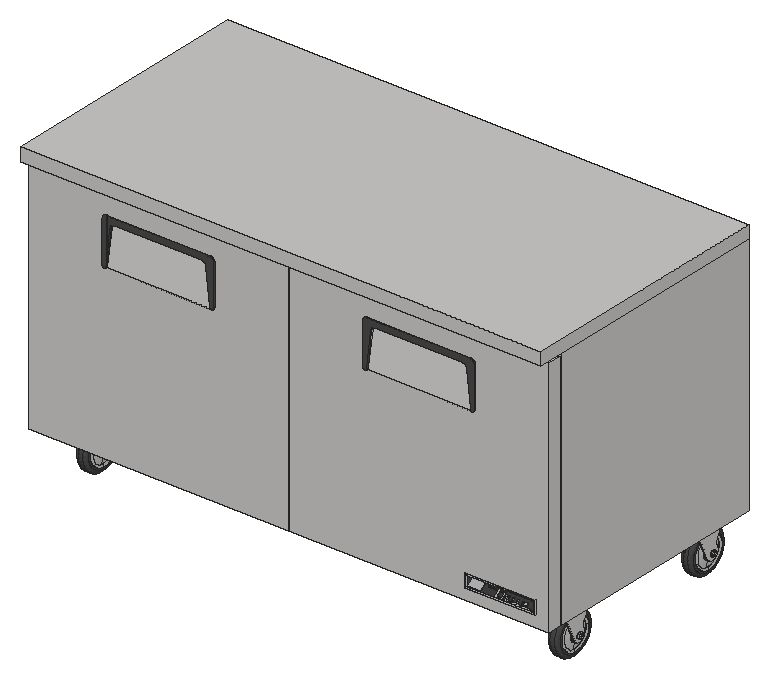
Revit family "QF_TRUE_TUC-60-HC", category Specialty Equipment, Revit 2016
Family settings
  Part Type = Normal
  Round Connector Dimension = Use Diameter
  Work Plane-Based = No
  Always vertical = Yes
  Cut with Voids When Loaded = No
  Shared = Yes
  Room Calculation Point = No
Parameters
  Weight in Pounds = 325
  Watts = FL Amps * Volts  # 460 W
  Volts = 115 V
  URL Manufacturer = "www.truemfg.com"
  URL = "www.truemfg.com"
  Type Mark [instance] = ""
  Status [instance] = ""
  Show Seismic Flanged [instance] = no
  Show Legs [instance] = no
  Seismic Flanged [instance] = and(not(Show Default Model), Show Seismic Flanged)  # no
  Length = 60 3/8"
  Legs [instance] = and(not(Show Default Model), or(Show Legs, Show Seismic Flanged))  # no
  Height [instance] = 35 15/16"
  Depth [instance] = 30 1/16"
  ADA Compliant Model [instance] = and(not(Show Default Model), Show ADA Compliant Model)  # no
  Specification by User [instance] = ""
  Specification by Manufacturer = ""
  Show Low Profile Model [instance] = no
  Show Logo [instance] = yes
  Show Clearance [instance] = yes
  Show ADA Compliant Model [instance] = no
  Show Default Model [instance] = and(not(Show Seismic Flanged), not(Show ADA Compliant Model), not(Show Low Profile Model), not(Show Legs))  # yes
  Serial Number = ""
  Seismic Rating = ""
  SMACNA No = ""
  Revision Code [instance] = ""
  Phase = 1
  Omniclass Number and Title = ""
  Number of Poles [instance] = 1
  NAFEM Spec ID Number = ""
  Model = "TUC-60-HC"
  Min Ckt Ampacity = 0 A
  Max Overcurrent Protection = 0 A
  MasterSpec. = ""
  Manufacturer = "TRUE"
  Low Profile [instance] = and(not(Show Default Model), Show Low Profile Model)  # no
  Item Number [instance] = ""
  Installed By [instance] = ""
  Identify Quantity as Lot [instance] = yes
  HP = "1/4"
  Furnished By [instance] = ""
  Foodservice Equipment Identifier [instance] = yes
  FL Amps = 4 A
  Electrical Remarks [instance] = ""
  Electric Connection Type [instance] = ""
  Elec Conn RI Height [instance] = 0"
  Elec Conn Connection Height [instance] = 0"
  Description = "SOLID DOOR REFRIGERATOR WITH HYDROCARBON REFRIGERANT"
  Cycle = 60 Hz
  Conn Plug = "NEMA 5-15P"
  Conn Conduit = yes
  CSI MasterFormat = ""
  CSI Master Format = ""
  Base Height [instance] = if(Show Default Model, 6 3/16", if(Legs, 6", if(ADA Compliant Model, 4 1/4", if(Show Low Profile Model, 2 1/8", 6 1/4"))))  # 6 3/16"
  Apparent Power = if(Phase = 3, Volts * FL Amps * 1.73, Volts * FL Amps)  # 460 VA
Reference planes (in)
  plane 1 "BACK": y = -16.5
  plane 2: z = 0
  plane 3 "LEFT": x = 0
  plane 4 "RIGHT": x = 60.375
  plane 5 "FRONT": y = -47.5625
  plane 6 "TOP": z = 35.9375
  plane 7: z = 6.1875
  plane 8: y = -75.34375
  plane 9: y = -46.0625
  plane 10: y = -17.5
  plane 11: y = -21.74082
  plane 12: x = 30.1875
Dimensions and locks (in)
  "Length": plane 3 "LEFT" to plane 4 "RIGHT"
  plane 4 "RIGHT" to plane 3 "LEFT" = 60 3/8"  (x2)
  plane 5 "FRONT" to plane 1 "BACK" = 31 1/16"
  "Depth": plane 5 "FRONT" to plane 10
  plane 1 "BACK" to plane 8 = 58 27/32"
  locked: plane 9 to plane 5 "FRONT" at 1.5
  plane 10 to plane 9 = 28 9/16"
  "Base Height": plane 7 to level
  locked: plane 6 "TOP" to plane 7 at 29.75
  plane 6 "TOP" to level = 35 15/16"
  equal spacing: plane 3 "LEFT", plane 12, plane 4 "RIGHT"
  aligned and locked: level to plane 2
  aligned and locked: plane 3 "LEFT" to nested 1  (x2)
  aligned and locked: plane 7 to nested 1
  aligned and locked: nested 1 to plane 7
Nested families (in)
  nested 1: "TUC-60-HC" at (0, 0, 2.1875), Show Logo <- "Show Logo", Show Clearance <- "Show Clearance", type "TUC-60-HC"
    with Show Logo yes, Show Clearance yes
  nested 2: "CASTERS" at (2.84375, -21.74082, 0), Show 6" Casters <- "Show Default Model", type "CASTERS"
    with Type Mark "", Status "", Specification by User "", Show 6" Casters yes, Revision Code "", Item Number "", Installed By "", Identify Quantity as Lot yes, Furnished By "", Foodservice Equipment Identifier yes
  nested 3: "CASTERS" at (2.84375, -41.06531, 0), Show 6" Casters <- "Show Default Model", type "CASTERS"
    with Type Mark "", Status "", Specification by User "", Show 6" Casters yes, Revision Code "", Item Number "", Installed By "", Identify Quantity as Lot yes, Furnished By "", Foodservice Equipment Identifier yes
  nested 4: "CASTERS" at (57.53125, -21.74082, 0), Show 6" Casters <- "Show Default Model", type "CASTERS"
    with Type Mark "", Status "", Specification by User "", Show 6" Casters yes, Revision Code "", Item Number "", Installed By "", Identify Quantity as Lot yes, Furnished By "", Foodservice Equipment Identifier yes
  nested 5: "CASTERS" at (57.53125, -41.06531, 0), Show 6" Casters <- "Show Default Model", type "CASTERS"
    with Type Mark "", Status "", Specification by User "", Show 6" Casters yes, Revision Code "", Item Number "", Installed By "", Identify Quantity as Lot yes, Furnished By "", Foodservice Equipment Identifier yes
  nested 6: "LOW PROFILE CASTERS" at (2.84375, -21.74082, 0), Show Casters <- "Low Profile", type "LOW PROFILE CASTERS"
    with Type Mark "", Status "", Specification by User "", Show Casters no, Revision Code "", Item Number "", Installed By "", Identify Quantity as Lot yes, Furnished By "", Foodservice Equipment Identifier yes
  nested 7: "LOW PROFILE CASTERS" at (57.53125, -21.74082, 0), Show Casters <- "Low Profile", type "LOW PROFILE CASTERS"
    with Type Mark "", Status "", Specification by User "", Show Casters no, Revision Code "", Item Number "", Installed By "", Identify Quantity as Lot yes, Furnished By "", Foodservice Equipment Identifier yes
  nested 8: "LOW PROFILE CASTERS" at (57.53125, -41.06531, 0), Show Casters <- "Low Profile", type "LOW PROFILE CASTERS"
    with Type Mark "", Status "", Specification by User "", Show Casters no, Revision Code "", Item Number "", Installed By "", Identify Quantity as Lot yes, Furnished By "", Foodservice Equipment Identifier yes
  nested 9: "LOW PROFILE CASTERS" at (2.84375, -41.06531, 0), Show Casters <- "Low Profile", type "LOW PROFILE CASTERS"
    with Type Mark "", Status "", Specification by User "", Show Casters no, Revision Code "", Item Number "", Installed By "", Identify Quantity as Lot yes, Furnished By "", Foodservice Equipment Identifier yes
  nested 10: "CASTERS & LEGS" at (2.84375, -21.74082, 0), Seismic Plate <- "Seismic Flanged", Show 4.25" Casters <- "ADA Compliant Model", Legs <- "Legs", type "CASTERS & LEGS"
    with Type Mark "", Status "", Specification by User "", Show 4.25" Casters no, Seismic Plate no, Revision Code "", Legs no, Item Number "", Installed By "", Identify Quantity as Lot yes, Furnished By "", Foodservice Equipment Identifier yes
  nested 11: "CASTERS & LEGS" at (57.53125, -21.74082, 0), Seismic Plate <- "Seismic Flanged", Show 4.25" Casters <- "ADA Compliant Model", Legs <- "Legs", type "CASTERS & LEGS"
    with Type Mark "", Status "", Specification by User "", Show 4.25" Casters no, Seismic Plate no, Revision Code "", Legs no, Item Number "", Installed By "", Identify Quantity as Lot yes, Furnished By "", Foodservice Equipment Identifier yes
  nested 12: "CASTERS & LEGS" at (57.53125, -41.06531, 0), Seismic Plate <- "Seismic Flanged", Show 4.25" Casters <- "ADA Compliant Model", Legs <- "Legs", type "CASTERS & LEGS"
    with Type Mark "", Status "", Specification by User "", Show 4.25" Casters no, Seismic Plate no, Revision Code "", Legs no, Item Number "", Installed By "", Identify Quantity as Lot yes, Furnished By "", Foodservice Equipment Identifier yes
  nested 13: "CASTERS & LEGS" at (2.85404, -41.06531, 0), Seismic Plate <- "Seismic Flanged", Show 4.25" Casters <- "ADA Compliant Model", Legs <- "Legs", type "CASTERS & LEGS"
    with Type Mark "", Status "", Specification by User "", Show 4.25" Casters no, Seismic Plate no, Revision Code "", Legs no, Item Number "", Installed By "", Identify Quantity as Lot yes, Furnished By "", Foodservice Equipment Identifier yes
Connectors (in)
  electrical at (56.87821, -17.5, 11.9375), driven by "Volts", driven by "Watts"
    settings: on nested 1, index 1, voltage 115 V, apparent load 460 VA, apparent load phase1 0 VA, apparent load phase2 0 VA, apparent load phase3 0 VA, power factor 1, load classification "Other", number of poles 1, system type 30, power factor state 1, is connector primary yes, connector utility no, sub classification motor no, connector description "ELECTRICAL CONNECTION"
Definition of nested family "TUC-60-HC"
  Parameters (values of type "TUC-60F-ADA-HC")
    URL = ""
    Show Logo [instance] = yes
    Show Clearance [instance] = yes
    Show Casters [instance] = yes
    Model = ""
    Manufacturer = ""
    Description = ""
    Assembly Code = ""
  Reference planes (in)
    plane 1 "BACK": y = -16.5
    plane 2: z = 0
    plane 3 "LEFT": x = 0
    plane 4 "RIGHT": x = 60.375
    plane 5 "FRONT": y = -48.125
    plane 6 "TOP": z = 33.75
    plane 7: z = 4
    plane 8: y = -46.625
    plane 9: y = -41.06531
    plane 10: x = 30.1875
    plane 11: z = 29.38
    plane 12: z = 23.90093
    plane 13: x = 15.07812
    plane 14: x = 45.29688
    plane 15: z = 29.38
    plane 16: z = 23.90093
    plane 17: y = -17.5
    plane 18: y = -47.5625
  Forms (in)
    Extrusion 1, solid
      sketch origin (0, -1, -2.25) x (0, 1, 0) y (0, 0, 1)
        loop
          line (-46.5625, 36) -> (-46.5625, 34.5) -> (-16.5, 34.5) -> (-16.5, 36) -> (-46.5625, 36)
      from 0 to 60.375
    Extrusion 2, solid
      sketch origin (0, -1, -2.25) x (0, 1, 0) y (0, 0, 1)
        loop
          line (-18.5, 34.5) -> (-18.5, 6.25) -> (-16.5, 6.25) -> (-16.5, 34.5) -> (-18.5, 34.5)
      from 0 to 60.375
    Extrusion 3, solid
      sketch origin (10.5, -13.375, -2.25) x (1, 0, 0) y (0, 0, 1)
        loop
          line (-10.5, 34.28323) -> (-10.5, 6.25) -> (19.65625, 6.25) -> (19.65625, 34.28323) -> (-10.5, 34.28323)
        loop
          line (49.875, 34.28323) -> (19.71875, 34.28323) -> (19.71875, 6.25) -> (49.875, 6.25) -> (49.875, 34.28323)
      from 31.44201 to 33
    Extrusion 4, solid
      sketch origin (0, -16.5, -2.25) x (1, 0, 0) y (0, 0, 1)
        loop
          line (23.4375, 6.25) -> (23.4375, 4.375) -> (36.9375, 4.375) -> (36.9375, 6.25) -> (23.4375, 6.25)
      from 1.69409 to 21.69409
    Extrusion 5, solid
      sketch origin (-1.16554, -17.5, -2.25) x (1, 0, 0) y (0, 0, 1)
        loop
          circle (58.04375, 12) r 0.25
      from 0 to 0.0625
    Revolve 6, solid
      sketch origin (0, -16.5155, 21) x (1, 0, 0) y (0, 1, 0)
        loop
          line (54.60203, -0.9845) -> (55.07078, -0.9845) -> (55.07078, 0.0155) -> (54.60203, 0.0155) -> (54.60203, -0.9845)
        axis (54.60203, -0.9845) -> (54.60203, 0.0155)
      angle from 0 to 360
    Extrusion 7, solid
      sketch origin (-0.09375, -13.375, -2.25) x (1, 0, 0) y (0, 0, 1)
        loop
          line (60.46875, 6.25) -> (60.46875, 34.5) -> (0.09375, 34.5) -> (0.09375, 6.25) -> (60.46875, 6.25)
        loop
          line (2.09375, 32.5) -> (2.09375, 8.25) -> (58.46875, 8.25) -> (58.46875, 32.5) -> (2.09375, 32.5)
      from 6.125 to 31.12
    Extrusion 8, solid
      sketch origin (-0.09375, -13.375, -2.25) x (1, 0, 0) y (0, 0, 1)
        loop
          line (59.96875, 6.82675) -> (59.96875, 33.8406) -> (0.59375, 33.8406) -> (0.59375, 6.82675) -> (59.96875, 6.82675)
      from 31.12 to 31.44201
    Extrusion 9, solid, visible <- "Show Clearance", detail levels coarse
      sketch origin (36.5068, -37.72639, 0) x (1, 0, 0) y (0, 1, 0)
        loop
          line (-6.35055, -8.64861) -> (-36.5068, -8.64861) -> (-36.5068, -38.80486)
          arc (-36.5068, -38.80486) -> (-15.18311, -29.9723) -> (-6.35055, -8.64861) r 30.15625
        loop
          arc (-6.28805, -8.64861) -> (2.54451, -29.9723) -> (23.8682, -38.80486) r 30.15625
          line (23.8682, -38.80486) -> (23.8682, -8.64861) -> (-6.28805, -8.64861)
      from 4 to 32.03323
    Extrusion 10, void
      sketch origin (15.07812, -13.78209, 49.75) x (0, -1, 0) y (0, 0, 1)
        loop
          line (32.59291, -20.37) -> (31.52391, -20.37) -> (32.59291, -25.84907) -> (32.59291, -20.37)
      from -6 to 6
    Extrusion 11, solid
      sketch origin (3.07813, -46.375, 1.75) x (1, 0, 0) y (0, 0, 1)
        loop
          line (5.52833, 27.13) -> (5.52833, 22.36054)
          arc (5.52833, 22.36054) -> (5.74774, 22.11831) -> (6.01044, 22.31274) r 0.24342
          line (6.01044, 22.31274) -> (6.44945, 26.42717)
          arc (6.44945, 26.42717) -> (6.61215, 26.74648) -> (6.94671, 26.87491) r 0.5
          line (6.94671, 26.87491) -> (17.05329, 26.87491)
          arc (17.05329, 26.87491) -> (17.38785, 26.74648) -> (17.55055, 26.42717) r 0.5
          line (17.55055, 26.42717) -> (17.98956, 22.31274)
          arc (17.98956, 22.31274) -> (18.25226, 22.11831) -> (18.47166, 22.36054) r 0.24342
          line (18.47166, 22.36054) -> (18.47166, 27.13)
          arc (18.47166, 27.13) -> (18.32522, 27.48356) -> (17.97166, 27.63) r 0.5
          line (17.97166, 27.63) -> (6.02833, 27.63)
          arc (6.02833, 27.63) -> (5.67478, 27.48356) -> (5.52833, 27.13) r 0.5
      from 0 to 0.0625
    Extrusion 12, void
      sketch origin (45.29688, -13.78209, 49.75) x (0, -1, 0) y (0, 0, -1)
        loop
          line (32.59291, 20.37) -> (32.59291, 25.84907) -> (31.52391, 20.37) -> (32.59291, 20.37)
      from -6 to 6
    Extrusion 13, solid
      sketch origin (57.29687, -46.375, 1.75) x (-1, 0, 0) y (0, 0, -1)
        loop
          arc (5.52833, -27.13) -> (5.67478, -27.48356) -> (6.02833, -27.63) r 0.5
          line (6.02833, -27.63) -> (17.97166, -27.63)
          arc (17.97166, -27.63) -> (18.32522, -27.48356) -> (18.47166, -27.13) r 0.5
          line (18.47166, -27.13) -> (18.47166, -22.36054)
          arc (18.47166, -22.36054) -> (18.25226, -22.11831) -> (17.98956, -22.31274) r 0.24342
          line (17.98956, -22.31274) -> (17.55055, -26.42717)
          arc (17.55055, -26.42717) -> (17.38785, -26.74648) -> (17.05329, -26.87491) r 0.5
          line (17.05329, -26.87491) -> (6.94671, -26.87491)
          arc (6.94671, -26.87491) -> (6.61215, -26.74648) -> (6.44945, -26.42717) r 0.5
          line (6.44945, -26.42717) -> (6.01044, -22.31274)
          arc (6.01044, -22.31274) -> (5.74774, -22.11831) -> (5.52833, -22.36054) r 0.24342
          line (5.52833, -22.36054) -> (5.52833, -27.13)
      from 0 to 0.0625
  Cuts and joins
    joined: Extrusion 2, Extrusion 7
    Extrusion 10, Extrusion 12 cuts Extrusion 3
    Extrusion 12 cuts Extrusion 9
  Lines and regions (in)
    symbolic lines
      curve 1: line (0, -17.5, 0) -> (60.375, -17.5, 0)
      curve 2: line (60.375, -47.5625, 0) -> (0, -47.5625, 0)
      curve 3: line (60.375, -17.5, 0) -> (60.375, -47.5625, 0)
      curve 4: line (6.17922, -16.5, 0) -> (5.24172, -16.5, 0)
      curve 5: line (6.17922, -16.5, 0) -> (6.17922, -17.5, 0)
      curve 6: line (5.24172, -16.5, 0) -> (5.24172, -17.5, 0)
      curve 7: line (54.13328, -16.5, 0) -> (55.07078, -16.5, 0)
      curve 8: line (54.13328, -16.5, 0) -> (54.13328, -17.5, 0)
      curve 9: line (55.07078, -16.5, 0) -> (55.07078, -17.5, 0)
      curve 13: line (0, -17.5, 0) -> (0, -47.5625, 0)
    symbolic lines, visible <- "Show Clearance", detail levels coarse
      curve 10: arc (30.24214, -47.5625, 0) -> (31.32622, -54.47239, 0) -> (33.97299, -60.94667, 0) r 30.15625
      curve 11: arc (30.13286, -47.5625, 0) -> (29.04878, -54.47239, 0) -> (26.40201, -60.94667, 0) r 30.15625
      curve 12: line (3.21995, -47.5625, 0) -> (26.40201, -60.94667, 0)
      curve 14: line (57.15505, -47.5625, 0) -> (33.97299, -60.94667, 0)
  Dimensions and locks (in)
    plane 3 "LEFT" to plane 4 "RIGHT" = 60 3/8"
    plane 4 "RIGHT" to plane 3 "LEFT" = 60 3/8"
    plane 6 "TOP" to level = 33 3/4"
    plane 5 "FRONT" to plane 1 "BACK" = 31 5/8"  (x2)
    plane 7 to level = 4"
    plane 6 "TOP" to plane 7 = 29 3/4"
    equal spacing: plane 3 "LEFT", plane 10, plane 4 "RIGHT"
    plane 4 "RIGHT" to Extrusion 7 = 0"
    Extrusion 3 to plane 3 "LEFT" = 0"
    Extrusion 3 sketch curve to plane 10 to Extrusion 3 sketch curve = 1/32" locked, 1/32" locked
    plane 18 to plane 17 = 30 1/16"
    aligned and locked: level to plane 2
    aligned and locked: plane 4 "RIGHT" to Extrusion 1
    aligned and locked: Extrusion 1 to plane 3 "LEFT"
    aligned and locked: plane 3 "LEFT" to Extrusion 3 sketch curve
  Automatic sketch dimensions
    Extrusion 1 sketch curve to plane 8 = 15/16"
    Extrusion 1 sketch curve to plane 6 "TOP" = 0"
    plane 1 "BACK" to Extrusion 1 sketch curve = 1"
    Extrusion 1 sketch curve to Extrusion 1 sketch curve = 1 1/2"
    Extrusion 2 sketch curve to plane 7 = 0"
    plane 1 "BACK" to Extrusion 2 sketch curve = 3"
    plane 1 "BACK" to Extrusion 2 sketch curve = 1"
    Extrusion 2 sketch curve to plane 6 "TOP" = 1 1/2"
    Extrusion 4 sketch curve to plane 7 = 0"
    Extrusion 4 sketch curve to plane 7 = 1 7/8"
    plane 10 to Extrusion 4 sketch curve = 6 3/4"
    Extrusion 4 sketch curve to plane 10 = 6 3/4"
    Extrusion 10 sketch curve to plane 11 = 0"
    Extrusion 10 sketch curve to plane 12 = 0"
    plane 8 to Extrusion 10 sketch curve = 1.319"
    plane 8 to Extrusion 10 sketch curve = 1/4"
    Extrusion 11 sketch curve to plane 13 = 6.47167"
    Extrusion 11 sketch curve to Extrusion 11 sketch curve = 0.24342"  (x2)
    Extrusion 11 sketch curve to Extrusion 11 sketch curve = 0.23868"  (x2)
    Extrusion 11 sketch curve to Extrusion 11 sketch curve = 1/2"
    Extrusion 11 sketch curve to Extrusion 11 sketch curve = 0.42112"
    Extrusion 11 sketch curve to Extrusion 11 sketch curve = 0.49726"  (x2)
    plane 13 to Extrusion 11 sketch curve = 5.05329"
    Extrusion 11 sketch curve to Extrusion 11 sketch curve = 0.91838"
    Extrusion 11 sketch curve to Extrusion 11 sketch curve = 0.43901"
    Extrusion 11 sketch curve to plane 6 "TOP" = 9.68726"  (x2)
    Extrusion 11 sketch curve to Extrusion 11 sketch curve = 4.06217"  (x2)
    Extrusion 11 sketch curve to Extrusion 11 sketch curve = 0.05226"
    Extrusion 11 sketch curve to Extrusion 11 sketch curve = 0.70283"
    Extrusion 12 sketch curve to plane 15 = 0"
    Extrusion 12 sketch curve to plane 16 = 0"
    plane 8 to Extrusion 12 sketch curve = 1.319"
    plane 8 to Extrusion 12 sketch curve = 1/4"
    Extrusion 13 sketch curve to plane 14 = 6.47167"
    Extrusion 13 sketch curve to Extrusion 13 sketch curve = 0.24342"  (x2)
    Extrusion 13 sketch curve to Extrusion 13 sketch curve = 0.23868"  (x2)
    Extrusion 13 sketch curve to Extrusion 13 sketch curve = 1/2"
    Extrusion 13 sketch curve to Extrusion 13 sketch curve = 0.42112"
    Extrusion 13 sketch curve to Extrusion 13 sketch curve = 0.49726"  (x2)
    plane 14 to Extrusion 13 sketch curve = 5.05329"
    Extrusion 13 sketch curve to Extrusion 13 sketch curve = 0.91838"
    Extrusion 13 sketch curve to Extrusion 13 sketch curve = 0.43901"
    Extrusion 13 sketch curve to plane 6 "TOP" = 4.37"
    Extrusion 13 sketch curve to Extrusion 13 sketch curve = 0.25509"
    Extrusion 13 sketch curve to Extrusion 13 sketch curve = 0.44774"  (x2)
    Extrusion 13 sketch curve to Extrusion 13 sketch curve = 4.06664"  (x2)
    curve 1 to plane 3 "LEFT" = 0"
    curve 11 to plane 3 "LEFT" = 0"
    plane 18 to curve 12 = 0"
    plane 1 "BACK" to curve 4 = 0"
    plane 17 to curve 6 = 0"
    plane 1 "BACK" to curve 7 = 0"
    curve 2 to plane 4 "RIGHT" = 0"
    curve 10 to plane 4 "RIGHT" = 0"
    curve 4 to curve 5 = 15/16"
    plane 10 to curve 12 = 3.78549"
    curve 7 to plane 4 "RIGHT" = 6.24172"
    curve 7 to curve 9 = 15/16"
    curve 12 to curve 10 = 0"
    plane 8 to curve 10 = 1/4"
    plane 8 to curve 11 = 1/4"
    plane 3 "LEFT" to curve 12 = 3.21995"
    curve 14 to plane 10 = 3.78549"
    Extrusion 3 sketch curve to plane 4 "RIGHT" = 0"
    Extrusion 3 sketch curve to plane 7 = 0"  (x2)
    Extrusion 3 sketch curve to plane 6 "TOP" = 1.71677"
    Extrusion 3 sketch curve to Extrusion 3 sketch curve = 0"
    Extrusion 5 sketch curve to plane 4 "RIGHT" = 3.49679"
    plane 7 to Extrusion 5 sketch curve = 5 3/4"
    plane 17 to Revolve 6 sketch curve = 0"
    plane 1 "BACK" to Revolve 6 sketch curve = 0"  (x2)
    Revolve 6 sketch curve to plane 4 "RIGHT" = 5.77297"
    Revolve 6 sketch curve to Revolve 6 sketch curve = 15/32"
    Revolve 6 sketch curve to Revolve 6 sketch curve = 0"
    Revolve 6 sketch curve to plane 1 "BACK" = 1/4"
    Extrusion 7 sketch curve to plane 3 "LEFT" = 0"
    Extrusion 7 sketch curve to plane 4 "RIGHT" = 0"
    Extrusion 7 sketch curve to plane 7 = 0"
    plane 3 "LEFT" to Extrusion 7 sketch curve = 2"
    Extrusion 7 sketch curve to plane 4 "RIGHT" = 2"
    plane 7 to Extrusion 7 sketch curve = 2"
    Extrusion 7 sketch curve to plane 6 "TOP" = 3 1/2"
    Extrusion 7 sketch curve to plane 6 "TOP" = 1 1/2"
    plane 3 "LEFT" to Extrusion 8 sketch curve = 1/2"
    Extrusion 8 sketch curve to plane 4 "RIGHT" = 1/2"
    plane 7 to Extrusion 8 sketch curve = 0.57675"
    Extrusion 8 sketch curve to plane 6 "TOP" = 2.1594"
    Extrusion 9 sketch curve to plane 3 "LEFT" = 0"
    Extrusion 9 sketch curve to plane 4 "RIGHT" = 0"
    plane 10 to Extrusion 9 sketch curve = 1/32"
    Extrusion 9 sketch curve to plane 10 = 1/32"
    plane 5 "FRONT" to Extrusion 9 sketch curve = 28 13/32"  (x2)
    curve 10 to plane 10 = 0.05464"
    curve 14 to plane 4 "RIGHT" = 3.21995"
    plane 3 "LEFT" to curve 4 = 5.24172"
    radius of Extrusion 5 sketch curve = 1/4"
  Nested families (in)
    nested 1: "QF_LOGO_TRUE" at (50.68125, -46.375, 5.32675), Show Logo <- "Show Logo", type "QF_LOGO_TRUE", detail levels medium+fine
      with Show Logo yes
  Definition of nested family "QF_LOGO_TRUE"
    Parameters (values of type "QF_LOGO_TRUE")
      Show Logo [instance] = yes
    Reference planes (in)
      plane 1 "Center (Front/Back)": y = 0
      plane 2: z = 0
      plane 3 "Center (Left/Right)": x = 0
    Forms (in)
      Extrusion 1, solid, visible <- "Show Logo"
        sketch origin (-78.34647, 34.76905, -30.51001) x (1, 0, 0) y (0, 0, 1)
          loop
            line (81.15226, 31.65456) -> (81.07353, 31.48573) -> (82.12083, 31.48573)
            arc (82.12083, 31.48573) -> (82.14208, 31.44814) -> (82.12083, 31.41055) r 0.04386
            line (82.12083, 31.41055) -> (81.84767, 30.82478)
            arc (81.84767, 30.82478) -> (81.84531, 30.77052) -> (81.882, 30.73048) r 0.07096
            line (81.882, 30.73048) -> (82.55165, 30.73048)
            arc (82.55165, 30.73048) -> (82.63621, 30.75714) -> (82.69019, 30.82748) r 0.14742
            line (82.69019, 30.82748) -> (82.90515, 31.28847) -> (83.10265, 31.28847)
            arc (83.10265, 31.28847) -> (83.15447, 31.26942) -> (83.14697, 31.21472) r 0.04405
            line (83.14697, 31.21472) -> (82.9671, 30.82899)
            arc (82.9671, 30.82899) -> (82.9699, 30.76493) -> (83.02398, 30.73048) r 0.06943
            line (83.02398, 30.73048) -> (83.6124, 30.73048)
            arc (83.6124, 30.73048) -> (83.65748, 30.74689) -> (83.68147, 30.78844) r 0.07014
            arc (83.68147, 30.78844) -> (83.69845, 30.74745) -> (83.73943, 30.73048) r 0.05796
            line (83.73943, 30.73048) -> (84.112, 30.73048)
            arc (84.112, 30.73048) -> (84.15504, 30.74201) -> (84.18655, 30.77352) r 0.08608
            arc (84.18655, 30.77352) -> (84.20164, 30.7371) -> (84.23806, 30.72202) r 0.0515
            line (84.23806, 30.72202) -> (84.76757, 30.72202)
            arc (84.76757, 30.72202) -> (84.81086, 30.73995) -> (84.8288, 30.78324) r 0.06122
            arc (84.8288, 30.78324) -> (84.86848, 30.74355) -> (84.92269, 30.72903) r 0.10842
            line (84.92269, 30.72903) -> (85.91461, 30.72903) -> (86.02479, 30.91987) -> (85.0243, 30.91987)
            arc (85.0243, 30.91987) -> (84.99669, 30.93902) -> (84.99566, 30.97261) r 0.03732
            line (84.99566, 30.97261) -> (85.01297, 31.00972)
            arc (85.01297, 31.00972) -> (85.03954, 31.04453) -> (85.0813, 31.05774) r 0.07263
            line (85.0813, 31.05774) -> (85.40289, 31.05774)
            arc (85.40289, 31.05774) -> (85.4723, 31.07633) -> (85.52311, 31.12715) r 0.13882
            line (85.52311, 31.12715) -> (85.61625, 31.28847)
            arc (85.61625, 31.28847) -> (85.61625, 31.37458) -> (85.54168, 31.41763) r 0.08611
            line (85.54168, 31.41763) -> (85.20227, 31.41763)
            arc (85.20227, 31.41763) -> (85.11574, 31.40294) -> (85.05538, 31.33923) r 0.13863
            line (85.05538, 31.33923) -> (84.89409, 30.99333)
            arc (84.89409, 30.99333) -> (84.84649, 30.9313) -> (84.77191, 30.90778) r 0.13002
            line (84.77191, 30.90778) -> (84.41984, 30.90778)
            arc (84.41984, 30.90778) -> (84.3777, 30.95378) -> (84.38042, 31.0161) r 0.08151
            line (84.38042, 31.0161) -> (84.56766, 31.41763) -> (84.44849, 31.41763) -> (84.25012, 30.99222)
            arc (84.25012, 30.99222) -> (84.21158, 30.94199) -> (84.15119, 30.92296) r 0.10527
            line (84.15119, 30.92296) -> (83.90842, 30.92296)
            arc (83.90842, 30.92296) -> (83.8674, 30.97642) -> (83.87619, 31.04323) r 0.08805
            line (83.87619, 31.04323) -> (84.05078, 31.41763) -> (83.92772, 31.41763) -> (83.72676, 30.98668)
            arc (83.72676, 30.98668) -> (83.68011, 30.94003) -> (83.61639, 30.92296) r 0.12745
            line (83.61639, 30.92296) -> (83.26484, 30.92296)
            arc (83.26484, 30.92296) -> (83.2017, 30.9524) -> (83.19563, 31.0218) r 0.06967
            line (83.19563, 31.0218) -> (83.31118, 31.26961) -> (83.47452, 31.26961)
            arc (83.47452, 31.26961) -> (83.50209, 31.35268) -> (83.56075, 31.41763) r 0.21289
            line (83.56075, 31.41763) -> (82.92244, 31.41763)
            arc (82.92244, 31.41763) -> (82.85151, 31.40191) -> (82.80242, 31.34834) r 0.12081
            line (82.80242, 31.34834) -> (82.6294, 30.9773)
            arc (82.6294, 30.9773) -> (82.58962, 30.93752) -> (82.53528, 30.92296) r 0.10869
            line (82.53528, 30.92296) -> (82.1542, 30.92296)
            arc (82.1542, 30.92296) -> (82.12446, 30.96315) -> (82.13012, 31.01283) r 0.06822
            line (82.13012, 31.01283) -> (82.38156, 31.48573) -> (83.01596, 31.48573) -> (83.09469, 31.65456) -> (82.46029, 31.65456) -> (82.53902, 31.8234) -> (82.31334, 31.8234) -> (82.23461, 31.65456) -> (81.15226, 31.65456)
          loop
            arc (85.15937, 31.26434) -> (85.13191, 31.25698) -> (85.1118, 31.23688) r 0.05494
            line (85.1118, 31.23688) -> (85.09547, 31.18665)
            arc (85.09547, 31.18665) -> (85.10304, 31.16837) -> (85.12133, 31.16079) r 0.02586
            line (85.12133, 31.16079) -> (85.39889, 31.16079)
            arc (85.39889, 31.16079) -> (85.41888, 31.16523) -> (85.43513, 31.1777) r 0.04731
            line (85.43513, 31.1777) -> (85.44863, 31.2402)
            arc (85.44863, 31.2402) -> (85.44466, 31.25693) -> (85.42914, 31.26434) r 0.01994
            line (85.42914, 31.26434) -> (85.15937, 31.26434)
          loop
            line (78.62961, 30.74125) -> (80.12032, 30.74125) -> (80.73891, 31.81268) -> (79.2482, 31.81268) -> (78.62961, 30.74125)
        from 34.76797 to 34.83173
      Extrusion 2, solid, visible <- "Show Logo"
        sketch origin (-142.84857, 34.75108, -33.3546) x (1, 0, 0) y (0, 0, 1)
          loop
            line (150.81107, 34.71978) -> (142.98607, 34.71978) -> (142.98607, 33.4921) -> (150.81107, 33.4921) -> (150.81107, 34.71978)
        from 34.75108 to 34.78125
      Extrusion 3, solid, visible <- "Show Logo"
        sketch origin (-142.84857, 34.75108, -33.3546) x (1, 0, 0) y (0, 0, 1)
          loop
            line (150.94857, 34.85727) -> (142.84857, 34.85727) -> (142.84857, 33.3546) -> (150.94857, 33.3546) -> (150.94857, 34.85727)
          loop
            line (142.98607, 34.71978) -> (142.98607, 33.4921) -> (150.81107, 33.4921) -> (150.81107, 34.71978) -> (142.98607, 34.71978)
        from 34.75108 to 34.81376
      Extrusion 4, solid, not visible
        sketch origin (121.45701, -16.5, 4.98235) x (1, 0, 0) y (0, 0, 1)
          loop
            line (25.20115, 35.89949) -> (25.20115, 33.96647) -> (30.95381, 33.96647) -> (30.95381, 35.89949) -> (25.20115, 35.89949)
        from 31.5 to 31.54261
      Extrusion 5, solid, not visible
        sketch origin (121.45701, -16.5, 4.98235) x (1, 0, 0) y (0, 0, 1)
          loop
            line (26.7387, 34.95472) -> (26.61492, 34.49276) -> (27.038, 34.49276)
            arc (27.038, 34.49276) -> (27.13117, 34.52484) -> (27.18485, 34.60749) r 0.15134
            arc (27.18485, 34.60749) -> (27.20396, 34.68138) -> (27.22435, 34.75493) r 4.37326
            arc (27.22435, 34.75493) -> (27.23458, 34.81765) -> (27.22435, 34.88037) r 0.1974
            arc (27.22435, 34.88037) -> (27.18247, 34.93579) -> (27.11563, 34.95472) r 0.10914
            line (27.11563, 34.95472) -> (26.7387, 34.95472)
          loop
            line (26.90201, 34.80638) -> (26.84645, 34.59903) -> (26.92855, 34.59903)
            arc (26.92855, 34.59903) -> (26.98205, 34.6185) -> (27.01051, 34.6678) r 0.08322
            line (27.01051, 34.6678) -> (27.02399, 34.74424)
            arc (27.02399, 34.74424) -> (27.01491, 34.78454) -> (26.97985, 34.80638) r 0.05353
            line (26.97985, 34.80638) -> (26.90201, 34.80638)
          loop
            line (27.45336, 34.66131) -> (27.76233, 34.66131) -> (27.78859, 34.73909)
            arc (27.78859, 34.73909) -> (27.7878, 34.82039) -> (27.73107, 34.87864) r 0.10925
            arc (27.73107, 34.87864) -> (27.68233, 34.8944) -> (27.63139, 34.89974) r 0.24595
            line (27.63139, 34.89974) -> (27.46708, 34.89974)
            arc (27.46708, 34.89974) -> (27.4068, 34.88073) -> (27.3535, 34.84677) r 0.2421
            arc (27.3535, 34.84677) -> (27.2897, 34.76363) -> (27.26702, 34.66131) r 0.2421
            line (27.26702, 34.66131) -> (27.26702, 34.54477)
            arc (27.26702, 34.54477) -> (27.31618, 34.4956) -> (27.38334, 34.47761) r 0.13431
            line (27.38334, 34.47761) -> (27.59054, 34.47761)
            arc (27.59054, 34.47761) -> (27.63459, 34.48281) -> (27.67622, 34.49812) r 0.18924
            line (27.67622, 34.49812) -> (27.73102, 34.61563)
            arc (27.73102, 34.61563) -> (27.68453, 34.59565) -> (27.63566, 34.58252) r 0.35376
            arc (27.63566, 34.58252) -> (27.55885, 34.56956) -> (27.48204, 34.58252) r 0.23415
            arc (27.48204, 34.58252) -> (27.44492, 34.61362) -> (27.45336, 34.66131) r 0.04838
          loop
            line (27.4842, 34.73042) -> (27.62012, 34.73042) -> (27.62621, 34.76496)
            arc (27.62621, 34.76496) -> (27.58961, 34.80242) -> (27.53739, 34.80638) r 0.0742
            arc (27.53739, 34.80638) -> (27.49747, 34.77773) -> (27.4842, 34.73042) r 0.0742
          loop
            line (27.91616, 34.97572) -> (27.78675, 34.49276) -> (27.98645, 34.49276) -> (28.11586, 34.97572) -> (27.91616, 34.97572)
          loop
            line (28.13678, 34.66131) -> (28.08755, 34.47761) -> (28.27134, 34.47761) -> (28.32056, 34.66131) -> (28.43674, 34.66131) -> (28.47974, 34.78864) -> (28.36519, 34.78864)
            arc (28.36519, 34.78864) -> (28.35733, 34.81649) -> (28.36921, 34.84288) r 0.04231
            arc (28.36921, 34.84288) -> (28.431, 34.8652) -> (28.49617, 34.85686) r 0.13988
            line (28.49617, 34.85686) -> (28.53544, 34.97317)
            arc (28.53544, 34.97317) -> (28.39725, 34.99096) -> (28.25905, 34.97317) r 0.54546
            arc (28.25905, 34.97317) -> (28.20849, 34.91994) -> (28.18197, 34.85147) r 0.1894
            line (28.18197, 34.85147) -> (28.17089, 34.78864) -> (28.11397, 34.78864) -> (28.07985, 34.66131) -> (28.13678, 34.66131)
          loop
            arc (28.74846, 34.89756) -> (28.65884, 34.88533) -> (28.56922, 34.89756) r 0.33455
            line (28.56922, 34.89756) -> (28.45669, 34.47761) -> (28.63593, 34.47761) -> (28.74846, 34.89756)
          loop
            arc (28.60398, 35.01195) -> (28.57699, 34.97173) -> (28.60398, 34.9315) r 0.04347
            line (28.60398, 34.9315) -> (28.75755, 34.9315)
            arc (28.75755, 34.9315) -> (28.78645, 34.96687) -> (28.77911, 35.01195) r 0.0556
            line (28.77911, 35.01195) -> (28.60398, 35.01195)
          loop
            line (28.95336, 34.66131) -> (29.26233, 34.66131) -> (29.28859, 34.73909)
            arc (29.28859, 34.73909) -> (29.2878, 34.82039) -> (29.23107, 34.87864) r 0.10925
            arc (29.23107, 34.87864) -> (29.18233, 34.8944) -> (29.13139, 34.89974) r 0.24595
            line (29.13139, 34.89974) -> (28.96708, 34.89974)
            arc (28.96708, 34.89974) -> (28.9068, 34.88073) -> (28.8535, 34.84677) r 0.2421
            arc (28.8535, 34.84677) -> (28.7897, 34.76363) -> (28.76702, 34.66131) r 0.2421
            line (28.76702, 34.66131) -> (28.76702, 34.54477)
            arc (28.76702, 34.54477) -> (28.81618, 34.4956) -> (28.88334, 34.47761) r 0.13431
            line (28.88334, 34.47761) -> (29.09054, 34.47761)
            arc (29.09054, 34.47761) -> (29.13459, 34.48281) -> (29.17622, 34.49812) r 0.18924
            line (29.17622, 34.49812) -> (29.23102, 34.61563)
            arc (29.23102, 34.61563) -> (29.18453, 34.59565) -> (29.13566, 34.58252) r 0.35376
            arc (29.13566, 34.58252) -> (29.05885, 34.56956) -> (28.98204, 34.58252) r 0.23415
            arc (28.98204, 34.58252) -> (28.94492, 34.61362) -> (28.95336, 34.66131) r 0.04838
          loop
            line (28.9842, 34.73042) -> (29.12012, 34.73042) -> (29.12621, 34.76496)
            arc (29.12621, 34.76496) -> (29.08961, 34.80242) -> (29.03739, 34.80638) r 0.0742
            arc (29.03739, 34.80638) -> (28.99747, 34.77773) -> (28.9842, 34.73042) r 0.0742
          loop
            line (29.41616, 34.97572) -> (29.28675, 34.49276) -> (29.48645, 34.49276) -> (29.61586, 34.97572) -> (29.41616, 34.97572)
          loop
            line (29.99836, 34.97572) -> (29.95192, 34.80242)
            arc (29.95192, 34.80242) -> (29.94473, 34.85705) -> (29.90102, 34.89059) r 0.07199
            arc (29.90102, 34.89059) -> (29.80023, 34.89941) -> (29.70251, 34.87322) r 0.29131
            arc (29.70251, 34.87322) -> (29.61806, 34.7652) -> (29.5896, 34.63108) r 0.30433
            line (29.5896, 34.63108) -> (29.5896, 34.55572)
            arc (29.5896, 34.55572) -> (29.61075, 34.50463) -> (29.66184, 34.48348) r 0.07224
            line (29.66184, 34.48348) -> (29.78537, 34.48348)
            arc (29.78537, 34.48348) -> (29.83854, 34.51313) -> (29.88504, 34.55243) r 0.31609
            line (29.88504, 34.55243) -> (29.86905, 34.49276) -> (30.05973, 34.49276) -> (30.18914, 34.97572) -> (29.99836, 34.97572)
          loop
            arc (29.84537, 34.75931) -> (29.79424, 34.71128) -> (29.77745, 34.64317) r 0.12371
            arc (29.77745, 34.64317) -> (29.80071, 34.59901) -> (29.85056, 34.59647) r 0.05045
            arc (29.85056, 34.59647) -> (29.90141, 34.64047) -> (29.92536, 34.7033) r 0.13769
            arc (29.92536, 34.7033) -> (29.90211, 34.75521) -> (29.84537, 34.75931) r 0.05543
          loop
            line (26.45047, 35.26762) -> (26.58211, 35.26762)
            arc (26.58211, 35.26762) -> (26.60467, 35.30821) -> (26.62126, 35.35157) r 0.3277
            arc (26.62126, 35.35157) -> (26.62714, 35.39992) -> (26.60877, 35.44503) r 0.09693
            arc (26.60877, 35.44503) -> (26.56454, 35.48868) -> (26.50462, 35.50516) r 0.12312
            arc (26.50462, 35.50516) -> (26.44158, 35.50565) -> (26.37854, 35.50546) r 5.76967
            arc (26.37854, 35.50546) -> (26.07462, 35.42923) -> (25.81045, 35.26076) r 0.97743
            line (25.81045, 35.26076) -> (25.85921, 35.26076)
            arc (25.85921, 35.26076) -> (26.08494, 35.39361) -> (26.3396, 35.45485) r 0.88817
            arc (26.3396, 35.45485) -> (26.41429, 35.44188) -> (26.47267, 35.39352) r 0.14748
            arc (26.47267, 35.39352) -> (26.48041, 35.32725) -> (26.45047, 35.26762) r 0.11636
          loop
            arc (26.35412, 35.17841) -> (26.19578, 35.0555) -> (26.00982, 34.98069) r 0.72453
            arc (26.00982, 34.98069) -> (25.9036, 34.95581) -> (25.79459, 34.9604) r 0.40201
            arc (25.79459, 34.9604) -> (25.7275, 34.98819) -> (25.69972, 35.05528) r 0.09488
            arc (25.69972, 35.05528) -> (25.71867, 35.12629) -> (25.77049, 35.17841) r 0.1425
            line (25.77049, 35.17841) -> (25.73665, 35.18748)
            arc (25.73665, 35.18748) -> (25.67632, 35.09876) -> (25.66924, 34.99171) r 0.20432
            arc (25.66924, 34.99171) -> (25.71443, 34.9227) -> (25.79473, 34.90384) r 0.11116
            arc (25.79473, 34.90384) -> (25.91172, 34.89904) -> (26.02716, 34.91862) r 0.56145
            arc (26.02716, 34.91862) -> (26.27675, 35.021) -> (26.49584, 35.17841) r 1.15683
            line (26.49584, 35.17841) -> (26.35412, 35.17841)
        from 31.54261 to 31.56272
    Dimensions and locks (in)
      aligned and locked: level to plane 2
      aligned and locked: Extrusion 2 to Extrusion 3  (x2)
      aligned and locked: Extrusion 2 sketch curve to Extrusion 3
Definition of nested family "CASTERS"
  Parameters
    Weight = ""
    URL Manufacturer = ""
    URL Cutsheet = ""
    URL = ""
    Type Mark [instance] = ""
    Status [instance] = ""
    Specification by User [instance] = ""
    Specification by Manufacturer = ""
    Show 6" Casters [instance] = yes
    Serial Number = ""
    Seismic Rating = ""
    SMACNA No = ""
    Revision Code [instance] = ""
    Omniclass Number and Title = ""
    NAFEM Spec ID Number = ""
    Model = ""
    MasterSpec. = ""
    Manufacturer = ""
    Item Number [instance] = ""
    Installed By [instance] = ""
    Identify Quantity as Lot [instance] = yes
    Furnished By [instance] = ""
    Foodservice Equipment Identifier [instance] = yes
    Description = ""
    CSI MasterFormat = ""
    CSI Master Format = ""
    Assembly Code = ""
  Reference planes (in)
    plane 1: z = 0
    plane 2 "RIGHT": x = 0
    plane 3 "FRONT": y = 0
    plane 4 "TOP": z = 6.25
  Forms (in)
    Revolve 1, solid, visible <- "Show 6" Casters"
      sketch origin (0, 2.21793, 0.25) x (0, 1, 0) y (0, 0, 1)
        loop
          line (-2.21793, 6) -> (-2.21793, 5.55584) -> (-0.93693, 5.55584) -> (-0.93693, 6) -> (-2.21793, 6)
        axis (-2.21793, 5.55584) -> (-2.21793, 6)
      angle from 0 to 360
    Extrusion 2, solid, visible <- "Show 6" Casters"
      sketch origin (-1.81294, 2.21793, 0) x (0, 1, 0) y (0, 0, 1)
        loop
          line (-3.37793, 5.80584) -> (-3.37793, 5.25584) -> (-3.23369, 5.25584)
          arc (-3.23369, 5.25584) -> (-3.1238, 5.20977) -> (-3.03725, 5.12786) r 0.33195
          line (-3.03725, 5.12786) -> (-1.55521, 1.94961)
          arc (-1.55521, 1.94961) -> (-0.54268, 1.81523) -> (-0.22336, 2.78544) r 0.8
          arc (-0.22336, 2.78544) -> (-0.27816, 2.89808) -> (-0.34988, 3.00079) r 0.8
          arc (-0.34988, 3.00079) -> (-0.37005, 3.3613) -> (-0.26088, 3.70547) r 1
          line (-0.26088, 3.70547) -> (0.31507, 4.78867)
          arc (0.31507, 4.78867) -> (-0.09241, 4.97284) -> (-0.5252, 5.08531) r 2.63
          line (-0.5252, 5.08531) -> (-0.54193, 5.25584) -> (-1.05793, 5.25584) -> (-1.05793, 5.80584) -> (-3.37793, 5.80584)
      from 0.78968 to 0.90247
    Extrusion 3, solid, visible <- "Show 6" Casters"
      sketch origin (0.13094, 2.21793, 0) x (0, 1, 0) y (0, 0, 1)
        loop
          line (-3.37793, 5.80584) -> (-3.37793, 5.25584) -> (-3.23369, 5.25584)
          arc (-3.23369, 5.25584) -> (-3.1238, 5.20977) -> (-3.03725, 5.12786) r 0.33195
          line (-3.03725, 5.12786) -> (-1.55521, 1.94961)
          arc (-1.55521, 1.94961) -> (-0.54268, 1.81523) -> (-0.22336, 2.78544) r 0.8
          arc (-0.22336, 2.78544) -> (-0.27816, 2.89808) -> (-0.34988, 3.00079) r 0.8
          arc (-0.34988, 3.00079) -> (-0.37005, 3.3613) -> (-0.26088, 3.70547) r 1
          line (-0.26088, 3.70547) -> (0.31507, 4.78867)
          arc (0.31507, 4.78867) -> (-0.09241, 4.97284) -> (-0.5252, 5.08531) r 2.63
          line (-0.5252, 5.08531) -> (-0.54193, 5.25584) -> (-1.05793, 5.25584) -> (-1.05793, 5.80584) -> (-3.37793, 5.80584)
      from 0.78968 to 0.90247
    Extrusion 4, solid, visible <- "Show 6" Casters"
      sketch origin (-1.93794, 2.21793, 0) x (0, 1, 0) y (0, 0, 1)
        loop
          line (-3.37793, 5.80584) -> (-3.37793, 5.25584) -> (-3.23369, 5.25584) -> (-0.7432, 5.03796) -> (0.2811, 4.72479) -> (0.31507, 4.78867)
          arc (0.31507, 4.78867) -> (-0.09241, 4.97284) -> (-0.5252, 5.08531) r 2.63
          line (-0.5252, 5.08531) -> (-0.54193, 5.25584) -> (-1.05793, 5.25584) -> (-1.05793, 5.80584) -> (-3.37793, 5.80584)
      from 1.02747 to 2.85669
    Revolve 5, solid, visible <- "Show 6" Casters"
      sketch origin (-1.93794, 1.21343, 0) x (1, 0, 0) y (0, 0, 1)
        loop
          line (0.5843, 2.5) -> (3.2907, 2.5) -> (3.2907, 2.6421) -> (3.2407, 2.6921) -> (3.1807, 2.6921) -> (3.1807, 2.8278) -> (2.7025, 2.8278) -> (2.7025, 3.22009) -> (2.5625, 3.30092) -> (2.42914, 4.125) -> (2.59375, 4.125) -> (2.59375, 4.375) -> (2.5625, 4.375) -> (2.5625, 4.625)
          arc (2.5625, 4.625) -> (2.45267, 4.89017) -> (2.1875, 5) r 0.375
          line (2.1875, 5) -> (1.6875, 5)
          arc (1.6875, 5) -> (1.42233, 4.89017) -> (1.3125, 4.625) r 0.375
          line (1.3125, 4.625) -> (1.3125, 4.375) -> (1.28125, 4.375) -> (1.28125, 4.125) -> (1.44586, 4.125) -> (1.31307, 3.30443) -> (1.1725, 3.22327) -> (1.1725, 2.8278) -> (0.6943, 2.8278) -> (0.6943, 2.6921) -> (0.6343, 2.6921) -> (0.5843, 2.6421) -> (0.5843, 2.5)
        axis (0.5843, 2.5) -> (3.2907, 2.5)
      angle from 0 to 360
  Cuts and joins
    joined: Extrusion 2, Extrusion 3, Extrusion 4
  Lines and regions (in)
    symbolic lines, visible <- "Show 6" Casters"
      curve 1: line (0.70901, 2.6399, 0) -> (1.79507, 2.01286, 0)
      curve 2: line (-1.79099, -1.69023, 0) -> (0.70901, 2.6399, 0)
      curve 3: line (-0.70493, -2.31727, 0) -> (-1.79099, -1.69023, 0)
      curve 4: line (1.79507, 2.01286, 0) -> (-0.70493, -2.31727, 0)
  Dimensions and locks (in)
    plane 4 "TOP" to level = 6 1/4"  (x2)
    aligned and locked: level to plane 1
Definition of nested family "LOW PROFILE CASTERS"
  Parameters
    Weight = ""
    URL Manufacturer = ""
    URL Cutsheet = ""
    URL = ""
    Type Mark [instance] = ""
    Status [instance] = ""
    Specification by User [instance] = ""
    Specification by Manufacturer = ""
    Show Casters [instance] = yes
    Serial Number = ""
    Seismic Rating = ""
    SMACNA No = ""
    Revision Code [instance] = ""
    Omniclass Number and Title = ""
    NAFEM Spec ID Number = ""
    Model = ""
    MasterSpec. = ""
    Manufacturer = ""
    Item Number [instance] = ""
    Installed By [instance] = ""
    Identify Quantity as Lot [instance] = yes
    Furnished By [instance] = ""
    Foodservice Equipment Identifier [instance] = yes
    Description = ""
    CSI MasterFormat = ""
    CSI Master Format = ""
  Reference planes (in)
    plane 1 "BACK": y = 0
    plane 2: z = 0
    plane 3 "LEFT": x = 0
    plane 4 "RIGHT": x = 48
    plane 5 "FRONT": y = -48
    plane 6 "TOP": z = 2.125
    plane 7: z = 0.98438
  Forms (in)
    Revolve 1, solid, visible <- "Show Casters"
      sketch origin (-1.93794, 0.71343, -1.5) x (1, 0, 0) y (0, 0, 1)
        loop
          line (1.17906, 2.17969) -> (1.17906, 2.05469) -> (1.44663, 2.05469) -> (1.44663, 1.63356)
          arc (1.44663, 1.63356) -> (1.48575, 1.53912) -> (1.58019, 1.5) r 0.13356
          line (1.58019, 1.5) -> (1.76381, 1.5)
          arc (1.76381, 1.5) -> (1.85825, 1.53912) -> (1.89737, 1.63356) r 0.13356
          line (1.89737, 1.63356) -> (1.89737, 2.05469) -> (1.97851, 2.05469) -> (1.97851, 1.63356)
          arc (1.97851, 1.63356) -> (2.01763, 1.53912) -> (2.11207, 1.5) r 0.13356
          line (2.11207, 1.5) -> (2.29569, 1.5)
          arc (2.29569, 1.5) -> (2.39013, 1.53912) -> (2.42925, 1.63356) r 0.13356
          line (2.42925, 1.63356) -> (2.42925, 2.05469) -> (2.69682, 2.05469) -> (2.69682, 2.17969) -> (1.17906, 2.17969)
        axis (1.17906, 2.17969) -> (2.69682, 2.17969)
      angle from 0 to 360
    Extrusion 2, solid, visible <- "Show Casters"
      sketch origin (-1.43794, 2.21793, -2.80325) x (0, 1, 0) y (0, 0, 1)
        loop
          line (-2.98884, 4.55325) -> (-2.98884, 3.98928) -> (-1.75639, 3.18891)
          arc (-1.75639, 3.18891) -> (-1.29435, 3.17076) -> (-1.05793, 3.56814) r 0.45218
          line (-1.05793, 3.56814) -> (-1.05793, 4.55325) -> (-2.98884, 4.55325)
      from 0.78968 to 0.90247
    Extrusion 3, solid, visible <- "Show Casters"
      sketch origin (-0.24406, 2.21793, -2.80325) x (0, 1, 0) y (0, 0, 1)
        loop
          line (-2.98884, 4.55325) -> (-2.98884, 3.98928) -> (-1.75639, 3.18891)
          arc (-1.75639, 3.18891) -> (-1.29435, 3.17076) -> (-1.05793, 3.56814) r 0.45218
          line (-1.05793, 3.56814) -> (-1.05793, 4.55325) -> (-2.98884, 4.55325)
      from 0.78968 to 0.90247
    Revolve 4, solid, visible <- "Show Casters"
      sketch origin (0, 2.21793, -4) x (0, 1, 0) y (0, 0, 1)
        loop
          line (-2.21793, 6.125) -> (-2.21793, 5.75) -> (-1.46793, 5.75) -> (-1.46793, 6.125) -> (-2.21793, 6.125)
        axis (-2.21793, 5.75) -> (-2.21793, 6.125)
      angle from 0 to 360
    Extrusion 5, solid, visible <- "Show Casters"
      sketch origin (-1.93794, 2.21793, -4) x (0, 1, 0) y (0, 0, 1)
        loop
          line (-2.98884, 5.75) -> (-2.98884, 5.46776) -> (-1.05793, 5.46776) -> (-1.05793, 5.75) -> (-2.98884, 5.75)
      from 1.40247 to 2.48356
  Lines and regions (in)
    symbolic lines, visible <- "Show Casters"
      curve 1: line (0.1802, 1.09251, 0) -> (0.82972, 0.71751, 0)
      curve 2: line (-0.8198, -0.63954, 0) -> (0.1802, 1.09251, 0)
      curve 3: line (-0.17028, -1.01454, 0) -> (-0.8198, -0.63954, 0)
      curve 4: line (0.82972, 0.71751, 0) -> (-0.17028, -1.01454, 0)
  Dimensions and locks (in)
    plane 6 "TOP" to level = 2 1/8"  (x2)
    aligned and locked: level to plane 2
Definition of nested family "CASTERS & LEGS"
  Parameters
    Weight = ""
    URL Manufacturer = ""
    URL Cutsheet = ""
    URL = ""
    Type Mark [instance] = ""
    Status [instance] = ""
    Specification by User [instance] = ""
    Specification by Manufacturer = ""
    Show 4.25" Casters [instance] = yes
    Serial Number = ""
    Seismic Rating = ""
    Seismic Plate [instance] = yes
    SMACNA No = ""
    Revision Code [instance] = ""
    Omniclass Number and Title = ""
    NAFEM Spec ID Number = ""
    Model = ""
    MasterSpec. = ""
    Manufacturer = ""
    Legs [instance] = yes
    Item Number [instance] = ""
    Installed By [instance] = ""
    Identify Quantity as Lot [instance] = yes
    Furnished By [instance] = ""
    Foodservice Equipment Identifier [instance] = yes
    Description = ""
    CSI MasterFormat = ""
    CSI Master Format = ""
    Assembly Code = ""
  Reference planes (in)
    plane 1: z = 0
    plane 2 "RIGHT": x = 0
    plane 3 "FRONT": y = 0
    plane 4 "TOP": z = 4.25
  Forms (in)
    Revolve 1, solid, visible <- "Show 4.25" Casters"
      sketch origin (-1.93794, 0.83816, -1.0041) x (1, 0, 0) y (0, 0, 1)
        loop
          line (0.74055, 2.2541) -> (3.15007, 2.2541) -> (3.15007, 2.3296) -> (3.10007, 2.3796) -> (3.04007, 2.3796) -> (3.04007, 2.49967) -> (2.62438, 2.49967) -> (2.62438, 2.68884) -> (2.48438, 2.76967) -> (2.45908, 2.92597) -> (2.51563, 2.92597) -> (2.51563, 3.16035) -> (2.48438, 3.16035) -> (2.48438, 3.5041) -> (1.375, 3.5041) -> (1.375, 3.16035) -> (1.34375, 3.16035) -> (1.34375, 2.92597) -> (1.4003, 2.92597) -> (1.37557, 2.77318) -> (1.235, 2.69202) -> (1.235, 2.49967) -> (0.85055, 2.49967) -> (0.85055, 2.3796) -> (0.79055, 2.3796) -> (0.74055, 2.3296) -> (0.74055, 2.2541)
        axis (0.74055, 2.2541) -> (3.15007, 2.2541)
      angle from 0 to 360
    Extrusion 2, solid, visible <- "Show 4.25" Casters"
      sketch origin (-1.93794, 1.80294, -2.0666) x (0, 1, 0) y (0, 0, 1)
        loop
          line (-3.08794, 5.65497) -> (-3.08794, 5.00584) -> (-2.69466, 5.00584)
          arc (-2.69466, 5.00584) -> (-1.57175, 4.94895) -> (-0.46376, 4.75787) r 9.36411
          arc (-0.46376, 4.75787) -> (-0.05889, 4.58436) -> (0.28335, 4.30705) r 1.60049
          line (0.28335, 4.30705) -> (0.34449, 4.39437)
          arc (0.34449, 4.39437) -> (0.12713, 4.6163) -> (-0.1239, 4.79931) r 1.8753
          line (-0.1239, 4.79931) -> (-0.05749, 4.91421)
          arc (-0.05749, 4.91421) -> (-0.33807, 5.05694) -> (-0.64294, 5.13542) r 1.44292
          line (-0.64294, 5.13542) -> (-0.64294, 5.65497) -> (-3.08794, 5.65497)
      from 1.1267 to 2.74918
    Revolve 3, solid, visible <- "Show 4.25" Casters"
      sketch origin (0, 2.15543, -2) x (0, 1, 0) y (0, 0, 1)
        loop
          line (-2.21793, 6.25) -> (-2.21793, 5.58837) -> (-1.05793, 5.58837) -> (-1.05793, 6.25) -> (-2.21793, 6.25)
        axis (-2.21793, 5.58837) -> (-2.21793, 6.25)
      angle from 0 to 360
    Extrusion 4, solid, visible <- "Show 4.25" Casters"
      sketch origin (-1.93794, 1.80294, -1.7541) x (0, 1, 0) y (0, 0, 1)
        loop
          line (-3.08794, 5.34247) -> (-3.08794, 4.69334) -> (-2.8913, 4.69334)
          arc (-2.8913, 4.69334) -> (-2.07295, 4.01416) -> (-1.45681, 3.14736) r 4.10005
          arc (-1.45681, 3.14736) -> (-0.85703, 2.75969) -> (-0.4561, 3.35069) r 0.5107
          arc (-0.4561, 3.35069) -> (-0.24532, 3.85516) -> (0.28335, 3.99455) r 0.61749
          line (0.28335, 3.99455) -> (0.34449, 4.08187)
          arc (0.34449, 4.08187) -> (0.12713, 4.3038) -> (-0.1239, 4.48681) r 1.8753
          line (-0.1239, 4.48681) -> (-0.05749, 4.60171)
          arc (-0.05749, 4.60171) -> (-0.33807, 4.74444) -> (-0.64294, 4.82292) r 1.44292
          line (-0.64294, 4.82292) -> (-0.64294, 5.34247) -> (-3.08794, 5.34247)
      from 2.74918 to 2.90825
    Extrusion 5, solid, visible <- "Show 4.25" Casters"
      sketch origin (1.93794, 1.80294, -1.7541) x (0, 1, 0) y (0, 0, -1)
        loop
          arc (-0.4561, -3.35069) -> (-0.85703, -2.75969) -> (-1.45681, -3.14736) r 0.5107
          arc (-1.45681, -3.14736) -> (-2.07295, -4.01416) -> (-2.8913, -4.69334) r 4.10005
          line (-2.8913, -4.69334) -> (-3.08794, -4.69334) -> (-3.08794, -5.34247) -> (-0.64294, -5.34247) -> (-0.64294, -4.82292)
          arc (-0.64294, -4.82292) -> (-0.33807, -4.74444) -> (-0.05749, -4.60171) r 1.44292
          line (-0.05749, -4.60171) -> (-0.1239, -4.48681)
          arc (-0.1239, -4.48681) -> (0.12713, -4.3038) -> (0.34449, -4.08187) r 1.8753
          line (0.34449, -4.08187) -> (0.28335, -3.99455)
          arc (0.28335, -3.99455) -> (-0.24532, -3.85516) -> (-0.4561, -3.35069) r 0.61749
      from 2.74918 to 2.90825
    Extrusion 6, solid, visible <- "Seismic Plate"
      sketch origin (30.22541, -24.4251, 0) x (-1, 0, 0) y (0, -1, 0)
        loop
          circle (30.22541, -24.4251) r 1.5
      from 0 to 0.3125
    Revolve 7, solid, visible <- "Legs"
      sketch origin (-2, 0, 0) x (1, 0, 0) y (0, 0, -1)
        loop
          line (2, -6) -> (2, 0) -> (1.5, 0) -> (1.5, -1) -> (1.25, -1) -> (0.53856, -6) -> (2, -6)
        axis (2, 0) -> (2, -6)
      angle from 0 to 360
  Cuts and joins
    joined: Extrusion 2, Extrusion 4, Extrusion 5
  Lines and regions (in)
    symbolic lines, visible <- "Show 4.25" Casters"
      curve 1: line (0.28481, 1.83041, 0) -> (1.24556, 1.27572, 0)
      curve 2: line (-1.26206, -0.84886, 0) -> (0.28481, 1.83041, 0)
      curve 3: line (-0.30132, -1.40355, 0) -> (-1.26206, -0.84886, 0)
      curve 4: line (1.24556, 1.27572, 0) -> (-0.30132, -1.40355, 0)
  Dimensions and locks (in)
    plane 4 "TOP" to level = 4 1/4"  (x2)
    aligned and locked: level to plane 1
